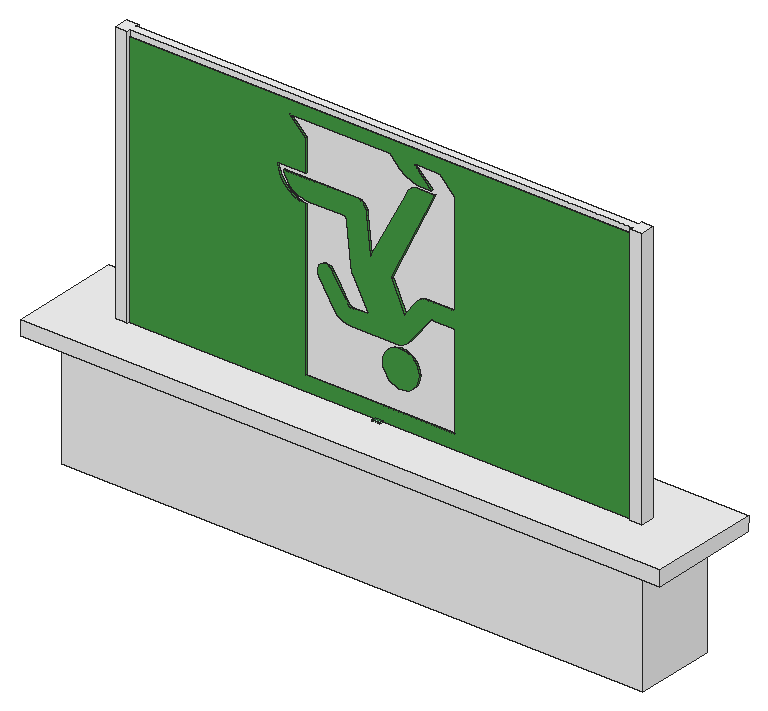
Revit family "Clevertronics_LUBPRO-D2-AUA01211530001", category Lighting Fixtures, host Face, Revit 2021 (continued)
Forms (mm)
  Extrusion 15, solid, material "Green Plastic", visible <- "Indication Left 'Face Two'", not visible, detail levels fine
    sketch origin (-151.5, 2.875, 1534.729) x (1, 0, 0) y (0, 0, -1)
      loop
        arc (207.391, -27.485) -> (202.787, -26.213) -> (199.11, -23.164) r 11.376
        line (199.11, -23.164) -> (186.591, -7.256) -> (172.376, -7.256) -> (172.376, -63.657) -> (262.399, -63.657) -> (262.399, 28.501)
        arc (262.399, 28.501) -> (273.89, 33.891) -> (279.598, 45.228) r 19.42
        line (279.598, 45.228) -> (262.399, 45.228) -> (262.399, 64.593) -> (271.896, 73.818) -> (211.777, 73.818) -> (205.566, 67.627)
        arc (205.566, 67.627) -> (201.063, 64.336) -> (195.778, 62.551) r 18.338
        line (195.778, 62.551) -> (186.276, 62.551) -> (197.578, 73.517) -> (181.659, 73.517) -> (172.412, 64.302)
      loop
        circle (204.984, -40.32) r 11.018
      loop
        line (134.527, 0) -> (134.527, 12.5) -> (68.661, 12.5) -> (92.812, 40.283) -> (65.312, 40.283) -> (30.294, 0) -> (65.312, -40.283) -> (92.812, -40.283) -> (68.661, -12.5) -> (134.527, -12.5) -> (134.527, 0)
    from 0 to 0.767
  Extrusion 16, solid, material "Green Plastic", visible <- "Indication Right 'Face Two'", not visible, detail levels fine
    sketch origin (-151.5, 2.875, 1534.729) x (1, 0, 0) y (0, 0, -1)
      loop
        line (-2.25, 81.5) -> (-2.25, -78.5) -> (305.25, -78.5) -> (305.25, 81.5) -> (-2.25, 81.5)
      loop
        line (131.838, 64.302) -> (122.591, 73.517) -> (106.672, 73.517) -> (117.974, 62.551) -> (108.472, 62.551)
        arc (108.472, 62.551) -> (103.187, 64.336) -> (98.684, 67.627) r 18.338
        line (98.684, 67.627) -> (92.473, 73.818) -> (32.354, 73.818) -> (41.851, 64.593) -> (41.851, 45.228) -> (24.652, 45.228)
        arc (24.652, 45.228) -> (30.36, 33.891) -> (41.851, 28.501) r 19.42
        line (41.851, 28.501) -> (41.851, -63.657) -> (131.874, -63.657) -> (131.874, -7.256) -> (117.659, -7.256) -> (105.14, -23.164)
        arc (105.14, -23.164) -> (101.463, -26.213) -> (96.859, -27.485) r 11.376
        line (96.859, -27.485) -> (67.675, -27.485)
        arc (67.675, -27.485) -> (62.953, -26.333) -> (59.292, -23.137) r 10.257
        line (59.292, -23.137) -> (49.65, -7.29)
        arc (49.65, -7.29) -> (51.357, -0.277) -> (58.371, -1.985) r 5.104
        line (58.371, -1.985) -> (66.841, -15.907)
        arc (66.841, -15.907) -> (67.813, -16.97) -> (69.116, -17.585) r 3.731
        line (69.116, -17.585) -> (79.657, -17.585) -> (71.204, -1.387)
        arc (71.204, -1.387) -> (69.78, 1.77) -> (68.727, 5.07) r 30.217
        line (68.727, 5.07) -> (66.71, 27.782)
        arc (66.71, 27.782) -> (66.107, 29.517) -> (64.756, 30.762) r 3.773
        line (64.756, 30.762) -> (42.547, 30.762)
        arc (42.547, 30.762) -> (33.428, 34.164) -> (28.765, 42.707) r 13.923
        line (28.765, 42.707) -> (72.766, 42.707)
        arc (72.766, 42.707) -> (76.385, 41.131) -> (78.366, 37.717) r 6.331
        line (78.366, 37.717) -> (78.825, 35.553) -> (81.221, 14.567) -> (102.414, 55.434)
        arc (102.414, 55.434) -> (104.612, 58.57) -> (107.962, 60.427) r 8.525
        line (107.962, 60.427) -> (119.644, 60.427) -> (93.804, 7.485) -> (101.765, -9.987) -> (108.755, -0.923)
        arc (108.755, -0.923) -> (110.588, 1.018) -> (112.769, 2.557) r 13.397
        line (112.769, 2.557) -> (131.874, 2.557) -> (131.838, 64.302)
      loop
        circle (99.266, -40.32) r 11.018
      loop
        line (169.723, 0) -> (169.723, -12.5) -> (235.589, -12.5) -> (211.438, -40.283) -> (238.938, -40.283) -> (273.956, 0) -> (238.938, 40.283) -> (211.438, 40.283) -> (235.589, 12.5) -> (169.723, 12.5) -> (169.723, 0)
    from 0 to 0.767
  Extrusion 17, solid, material "Grün Led"
    sketch origin (0, 0, 0) x (1, 0, 0) y (0, 0, 1)
      loop
        line (2.5, 8.369) -> (2.5, 9.588) -> (-2.5, 9.588) -> (-2.5, 8.369) -> (2.5, 8.369)
    from 3.213 to 5.915
  Extrusion 18, solid, material "Grün Led"
    sketch origin (0, 0.781, 0) x (1, 0, 0) y (0, 0, -1)
      loop
        line (2.5, -8.369) -> (-2.5, -8.369) -> (-2.5, -9.588) -> (2.5, -9.588) -> (2.5, -8.369)
    from 3.213 to 6.02
  Extrusion 19, solid, material "Green Plastic", visible <- "Indication Left 'Face Two'"
    sketch origin (-151.5, 2.875, 96.2) x (1, 0, 0) y (0, 0, -1)
      loop
        line (305.25, -66.5) -> (305.25, 87.5) -> (-2.25, 87.5) -> (-2.25, -66.5) -> (305.25, -66.5)
      loop
        line (171.162, -49.302) -> (180.409, -58.517) -> (196.328, -58.517) -> (185.026, -47.551) -> (194.528, -47.551)
        arc (194.528, -47.551) -> (199.813, -49.336) -> (204.316, -52.627) r 18.338
        line (204.316, -52.627) -> (210.527, -58.818) -> (270.646, -58.818) -> (261.149, -49.593) -> (261.149, -30.228) -> (278.348, -30.228)
        arc (278.348, -30.228) -> (272.64, -18.891) -> (261.149, -13.501) r 19.42
        line (261.149, -13.501) -> (261.149, 78.657) -> (171.126, 78.657) -> (171.126, 22.256) -> (185.341, 22.256) -> (197.86, 38.164)
        arc (197.86, 38.164) -> (201.537, 41.213) -> (206.141, 42.485) r 11.376
        line (206.141, 42.485) -> (235.325, 42.485)
        arc (235.325, 42.485) -> (240.047, 41.333) -> (243.708, 38.137) r 10.257
        line (243.708, 38.137) -> (253.35, 22.29)
        arc (253.35, 22.29) -> (251.643, 15.277) -> (244.629, 16.985) r 5.104
        line (244.629, 16.985) -> (236.159, 30.907)
        arc (236.159, 30.907) -> (235.187, 31.97) -> (233.884, 32.585) r 3.731
        line (233.884, 32.585) -> (223.343, 32.585) -> (231.796, 16.387)
        arc (231.796, 16.387) -> (233.22, 13.23) -> (234.273, 9.93) r 30.217
        line (234.273, 9.93) -> (236.29, -12.782)
        arc (236.29, -12.782) -> (236.893, -14.517) -> (238.244, -15.762) r 3.773
        line (238.244, -15.762) -> (260.453, -15.762)
        arc (260.453, -15.762) -> (269.572, -19.164) -> (274.235, -27.707) r 13.923
        line (274.235, -27.707) -> (230.234, -27.707)
        arc (230.234, -27.707) -> (226.615, -26.131) -> (224.634, -22.717) r 6.331
        line (224.634, -22.717) -> (224.175, -20.553) -> (221.779, 0.433) -> (200.586, -40.434)
        arc (200.586, -40.434) -> (198.388, -43.57) -> (195.038, -45.427) r 8.525
        line (195.038, -45.427) -> (183.356, -45.427) -> (209.196, 7.515) -> (201.235, 24.987) -> (194.245, 15.923)
        arc (194.245, 15.923) -> (192.412, 13.982) -> (190.231, 12.443) r 13.397
        line (190.231, 12.443) -> (171.126, 12.443) -> (171.162, -49.302)
      loop
        circle (203.734, 55.32) r 11.018
      loop
        line (133.277, 15) -> (133.277, 27.5) -> (67.411, 27.5) -> (91.562, 55.283) -> (64.062, 55.283) -> (29.044, 15) -> (64.062, -25.283) -> (91.562, -25.283) -> (67.411, 2.5) -> (133.277, 2.5) -> (133.277, 15)
    from 0 to 0.767
  Extrusion 20, solid, material "Green Plastic", visible <- "Runing Man common arrow"
    sketch origin (-151.5, -2.125, 96.2) x (1, 0, 0) y (0, 0, 1)
      loop
        line (305.25, 66.5) -> (-2.25, 66.5) -> (-2.25, -87.5) -> (305.25, -87.5) -> (305.25, 66.5)
      loop
        line (171.162, 49.302) -> (171.126, -12.443) -> (190.231, -12.443)
        arc (190.231, -12.443) -> (192.412, -13.982) -> (194.245, -15.923) r 13.397
        line (194.245, -15.923) -> (201.235, -24.987) -> (209.196, -7.515) -> (183.356, 45.427) -> (195.038, 45.427)
        arc (195.038, 45.427) -> (198.388, 43.57) -> (200.586, 40.434) r 8.525
        line (200.586, 40.434) -> (221.779, -0.433) -> (224.175, 20.553) -> (224.634, 22.717)
        arc (224.634, 22.717) -> (226.615, 26.131) -> (230.234, 27.707) r 6.331
        line (230.234, 27.707) -> (274.235, 27.707)
        arc (274.235, 27.707) -> (269.572, 19.164) -> (260.453, 15.762) r 13.923
        line (260.453, 15.762) -> (238.244, 15.762)
        arc (238.244, 15.762) -> (236.893, 14.517) -> (236.29, 12.782) r 3.773
        line (236.29, 12.782) -> (234.273, -9.93)
        arc (234.273, -9.93) -> (233.22, -13.23) -> (231.796, -16.387) r 30.217
        line (231.796, -16.387) -> (223.343, -32.585) -> (233.884, -32.585)
        arc (233.884, -32.585) -> (235.187, -31.97) -> (236.159, -30.907) r 3.731
        line (236.159, -30.907) -> (244.629, -16.985)
        arc (244.629, -16.985) -> (251.643, -15.277) -> (253.35, -22.29) r 5.104
        line (253.35, -22.29) -> (243.708, -38.137)
        arc (243.708, -38.137) -> (240.047, -41.333) -> (235.325, -42.485) r 10.257
        line (235.325, -42.485) -> (206.141, -42.485)
        arc (206.141, -42.485) -> (201.537, -41.213) -> (197.86, -38.164) r 11.376
        line (197.86, -38.164) -> (185.341, -22.256) -> (171.126, -22.256) -> (171.126, -78.657) -> (261.149, -78.657) -> (261.149, 13.501)
        arc (261.149, 13.501) -> (272.64, 18.891) -> (278.348, 30.228) r 19.42
        line (278.348, 30.228) -> (261.149, 30.228) -> (261.149, 49.593) -> (270.646, 58.818) -> (210.527, 58.818) -> (204.316, 52.627)
        arc (204.316, 52.627) -> (199.813, 49.336) -> (194.528, 47.551) r 18.338
        line (194.528, 47.551) -> (185.026, 47.551) -> (196.328, 58.517) -> (180.409, 58.517) -> (171.162, 49.302)
      loop
        circle (203.734, -55.32) r 11.018
      loop
        line (133.277, -15) -> (133.277, -2.5) -> (67.411, -2.5) -> (91.562, 25.283) -> (64.062, 25.283) -> (29.044, -15) -> (64.062, -55.283) -> (91.562, -55.283) -> (67.411, -27.5) -> (133.277, -27.5) -> (133.277, -15)
    from 0 to 0.767
Lines and regions (mm)
  model lines, style "Face Indication", visible <- "Straight line 'Face two'", detail levels coarse+medium
    curve 1: line (-323.489, 195, 0) -> (326.511, 195, 0)
  model lines, style "Face Indication", visible <- "Straight line 'Face one'", detail levels coarse+medium
    curve 2: line (-323.489, -195, 0) -> (326.511, -195, 0)
  model lines, style "Face Indication", visible <- "Indication Right 'Face Two'", detail levels coarse+medium
    curve 3: line (-323.489, 195, 0) -> (326.511, 195, 0)
  model lines, style "Face Indication", visible <- "Indication Right 'Face one'", detail levels coarse+medium
    curve 4: line (-323.489, -195, 0) -> (326.511, -195, 0)
  model lines, style "Face Indication", visible <- "Indication Left 'Face Two'", detail levels coarse+medium
    curve 5: line (-323.489, 195, 0) -> (326.511, 195, 0)
  model lines, style "Face Indication", visible <- "Indication Left 'Face one'", detail levels coarse+medium
    curve 6: line (-323.489, -195, 0) -> (326.511, -195, 0)
  model lines, style "Face Indication", visible <- "Runing Man common arrow", detail levels coarse+medium
    curve 7: line (-323.489, 195, 0) -> (326.511, 195, 0)
    curve 8: line (-323.489, -195, 0) -> (326.511, -195, 0)
Dimensions and locks
  host face to Extrusion 1 = 67 mm
  Extrusion 2 to host face = 8.7 mm
  Extrusion 3 to Extrusion 2 = 157 mm
  Extrusion 3 to Extrusion 3 = 317 mm
  Extrusion 2 to Extrusion 2 = 385 mm
  Extrusion 1 to Extrusion 1 = 350 mm
  Extrusion 1 to Extrusion 1 = 48 mm
  Extrusion 2 to Extrusion 2 = 67 mm
  Extrusion 3 to Extrusion 3 = 8.5 mm
  aligned and locked: host face to plane 2
  aligned and locked: host face to level
Nested families
  nested 1: "Symbol Right Indication" at (0, 0, 3956.795) x (1, 0, 0) z (0, 0, -1), visible <- "Indication Right 'Face one'", type "Symbol Right Indication", detail levels coarse+medium
  nested 2: "Symbol Left Indication" at (0, 0, 3956.795) x (1, 0, 0) z (0, 0, -1), visible <- "Indication Left 'Face one'", type "Symbol Left Indication", detail levels coarse+medium
  nested 3: "Symbol straight line Indication" at (0, 0, 3956.795) x (1, 0, 0) z (0, 0, -1), visible <- "Straight line 'Face two'", type "Symbol straight line Indication", detail levels coarse+medium
  nested 4: "Symbol straight line Indication" at (0, 0, 3956.795) x (1, 0, 0) z (0, 0, -1), visible <- "Straight line 'Face one'", type "Symbol straight line Indication", detail levels coarse+medium
  nested 5: "Symbol Left Indication" at (0, 0, 3956.795) x (1, 0, 0) z (0, 0, -1), visible <- "Indication Left 'Face Two'", type "Symbol Left Indication", detail levels coarse+medium
  nested 6: "Symbol Right Indication" at (0, 0, 3956.795) x (1, 0, 0) z (0, 0, -1), visible <- "Indication Right 'Face Two'", type "Symbol Right Indication", detail levels coarse+medium
  nested 7: "Symbol Left Indication" at (0, 0, 3956.795) x (1, 0, 0) z (0, 0, -1), visible <- "Runing Man common arrow", type "Symbol Left Indication", detail levels coarse+medium
Connectors
  electrical at (0, 0.375, -67), driven by "Apparent Load"
    settings: on Extrusion 1, index 1, voltage 230 V, apparent load 0 VA, apparent load phase1 3.7 VA, apparent load phase2 0 VA, apparent load phase3 0 VA, power factor 1, load classification "Lighting", number of poles 1, system type 31, power factor state 1, is connector primary yes, connector utility no, sub classification motor no, connector description ""
Definition of nested family "Symbol Right Indication"
  Reference planes
    plane 1 "Center (Front/Back)": y = 0
    plane 2: z = 0
    plane 3 "Center (Left/Right)": x = 0
    plane 4: x = -325.152, in view "Ref. Level"
    plane 5: x = 325.152, in view "Ref. Level"
    plane 6: y = 173.449, in view "Ref. Level"
    plane 7: y = -173.449, in view "Ref. Level"
  Lines and regions (mm)
    Filled region 1, type "Plastic Grün", in view "Ref. Level"
      outline origin (0, 0, 0) x (1, 0, 0) y (0, 1, 0)
        loop
          line (-325.152, 173.449) -> (-325.152, -173.449) -> (325.152, -173.449) -> (325.152, 173.449) -> (-325.152, 173.449)
        loop
          line (-248.707, 129.511) -> (-248.707, -50)
          arc (-248.707, -50) -> (-276.284, -61.423) -> (-287.707, -89) r 39
          line (-287.707, -89) -> (-248.707, -89) -> (-248.707, -130) -> (-270.627, -151.92) -> (-131.627, -151.92) -> (-106.171, -126.464) -> (-76.171, -126.464) -> (-101.627, -151.92) -> (-62.627, -151.92) -> (-40.707, -130) -> (-40.707, 9.511) -> (-78.707, 9.511)
          arc (-78.707, 9.511) -> (-86.697, 12.637) -> (-93.539, 17.816) r 31.304
          line (-93.539, 17.816) -> (-111.923, 36.2)
          arc (-111.923, 36.2) -> (-114.899, 38.096) -> (-117.875, 36.2) r 3.284
          line (-117.875, 36.2) -> (-132.667, 4.48)
          arc (-132.667, 4.48) -> (-133.805, 0.231) -> (-132.667, -4.017) r 8.497
          line (-132.667, -4.017) -> (-67.667, -116.601) -> (-94.667, -116.601)
          arc (-94.667, -116.601) -> (-102.738, -113.797) -> (-107.333, -106.593) r 13.019
          line (-107.333, -106.593) -> (-157.333, -19.991)
          arc (-157.333, -19.991) -> (-159.41, -18.791) -> (-161.488, -19.991) r 2.399
          line (-161.488, -19.991) -> (-164.906, -68.871)
          arc (-164.906, -68.871) -> (-167.873, -76.033) -> (-175.035, -79) r 10.129
          line (-175.035, -79) -> (-272.707, -79)
          arc (-272.707, -79) -> (-265.678, -62.029) -> (-248.707, -55) r 24
          line (-248.707, -55) -> (-195.707, -55)
          arc (-195.707, -55) -> (-192.663, -50.733) -> (-191.351, -45.659) r 14.38
          line (-191.351, -45.659) -> (-188.561, -5.756)
          arc (-188.561, -5.756) -> (-187.442, 4.309) -> (-185.503, 14.25) r 123.737
          line (-185.503, 14.25) -> (-168.598, 50.502) -> (-197.598, 50.502) -> (-207.269, 14.41)
          arc (-207.269, 14.41) -> (-220.129, 6.986) -> (-227.553, 19.846) r 10.5
          line (-227.553, 19.846) -> (-215.906, 63.312)
          arc (-215.906, 63.312) -> (-211.908, 69.258) -> (-205.103, 71.502) r 11.051
          line (-205.103, 71.502) -> (-140.103, 71.502)
          arc (-140.103, 71.502) -> (-119.382, 69.488) -> (-101.698, 58.502) r 45.756
          line (-101.698, 58.502) -> (-72.707, 29.511) -> (-40.707, 29.511) -> (-40.707, 129.511) -> (-248.707, 129.511)
        loop
          circle (-117.138, 97.887) r 20
        loop
          line (40.232, 30) -> (40.232, -30) -> (172.232, -30) -> (105.057, -97.175) -> (188.057, -97.175) -> (285.232, 0) -> (188.057, 97.175) -> (105.057, 97.175) -> (172.232, 30) -> (40.232, 30)
  Dimensions and locks
    plane 6 to plane 7 = 346.899 mm
    plane 4 to plane 5 = 650.305 mm
    equal spacing: plane 6, plane 1 "Center (Front/Back)", plane 7
    equal spacing: plane 4, plane 3 "Center (Left/Right)", plane 5
Definition of nested family "Symbol Left Indication"
  Reference planes
    plane 1 "Center (Front/Back)": y = 0
    plane 2: z = 0
    plane 3 "Center (Left/Right)": x = 0
    plane 4: x = 325.152, in view "Ref. Level"
    plane 5: x = -325.152, in view "Ref. Level"
    plane 6: y = 173.449, in view "Ref. Level"
    plane 7: y = -173.449, in view "Ref. Level"
  Lines and regions (mm)
    Filled region 1, type "Plastic Grün", in view "Ref. Level"
      outline origin (0, 0, 0) x (0, 1, 0) y (-1, 0, 0)
        loop
          line (173.449, -325.152) -> (173.449, 325.152) -> (-173.449, 325.152) -> (-173.449, -325.152) -> (173.449, -325.152)
        loop
          line (129.511, -248.707) -> (129.511, -40.707) -> (29.511, -40.707) -> (29.511, -72.707) -> (58.502, -101.698)
          arc (58.502, -101.698) -> (69.488, -119.382) -> (71.502, -140.103) r 45.756
          line (71.502, -140.103) -> (71.502, -205.103)
          arc (71.502, -205.103) -> (69.258, -211.908) -> (63.312, -215.906) r 11.051
          line (63.312, -215.906) -> (19.846, -227.553)
          arc (19.846, -227.553) -> (6.986, -220.129) -> (14.41, -207.269) r 10.5
          line (14.41, -207.269) -> (50.502, -197.598) -> (50.502, -168.598) -> (14.25, -185.503)
          arc (14.25, -185.503) -> (4.309, -187.442) -> (-5.756, -188.561) r 123.737
          line (-5.756, -188.561) -> (-45.659, -191.351)
          arc (-45.659, -191.351) -> (-50.733, -192.663) -> (-55, -195.707) r 14.38
          line (-55, -195.707) -> (-55, -248.707)
          arc (-55, -248.707) -> (-62.029, -265.678) -> (-79, -272.707) r 24
          line (-79, -272.707) -> (-79, -175.035)
          arc (-79, -175.035) -> (-76.033, -167.873) -> (-68.871, -164.906) r 10.129
          line (-68.871, -164.906) -> (-19.991, -161.488)
          arc (-19.991, -161.488) -> (-18.791, -159.41) -> (-19.991, -157.333) r 2.399
          line (-19.991, -157.333) -> (-106.593, -107.333)
          arc (-106.593, -107.333) -> (-113.797, -102.738) -> (-116.601, -94.667) r 13.019
          line (-116.601, -94.667) -> (-116.601, -67.667) -> (-4.017, -132.667)
          arc (-4.017, -132.667) -> (0.231, -133.805) -> (4.48, -132.667) r 8.497
          line (4.48, -132.667) -> (36.2, -117.875)
          arc (36.2, -117.875) -> (38.096, -114.899) -> (36.2, -111.923) r 3.284
          line (36.2, -111.923) -> (17.816, -93.539)
          arc (17.816, -93.539) -> (12.637, -86.697) -> (9.511, -78.707) r 31.304
          line (9.511, -78.707) -> (9.511, -40.707) -> (-130, -40.707) -> (-151.92, -62.627) -> (-151.92, -101.627) -> (-126.464, -76.171) -> (-126.464, -106.171) -> (-151.92, -131.627) -> (-151.92, -270.627) -> (-130, -248.707) -> (-89, -248.707) -> (-89, -287.707)
          arc (-89, -287.707) -> (-61.423, -276.284) -> (-50, -248.707) r 39
          line (-50, -248.707) -> (129.511, -248.707)
        loop
          circle (97.887, -117.138) r 20
        loop
          line (30, 40.232) -> (30, 172.232) -> (97.175, 105.057) -> (97.175, 188.057) -> (0, 285.232) -> (-97.175, 188.057) -> (-97.175, 105.057) -> (-30, 172.232) -> (-30, 40.232) -> (30, 40.232)
  Dimensions and locks
    plane 6 to plane 7 = 346.899 mm  (x2)
    plane 4 to plane 5 = 650.305 mm  (x2)
Definition of nested family "Symbol straight line Indication"
  Reference planes
    plane 1 "Center (Front/Back)": y = 0
    plane 2: z = 0
    plane 3 "Center (Left/Right)": x = 0
    plane 4: x = -325.152, in view "Ref. Level"
    plane 5: x = 325.152, in view "Ref. Level"
    plane 6: y = 173.449, in view "Ref. Level"
    plane 7: y = -173.449, in view "Ref. Level"
  Lines and regions (mm)
    Filled region 1, type "Plastic Grün", in view "Ref. Level"
      outline origin (0, 0, 0) x (1, 0, 0) y (0, 1, 0)
        loop
          line (-325.152, 173.449) -> (-325.152, -173.449) -> (325.152, -173.449) -> (325.152, 173.449) -> (-325.152, 173.449)
        loop
          line (-104, 129.511) -> (-104, -50)
          arc (-104, -50) -> (-131.577, -61.423) -> (-143, -89) r 39
          line (-143, -89) -> (-104, -89) -> (-104, -130) -> (-125.92, -151.92) -> (13.08, -151.92) -> (38.536, -126.464) -> (68.536, -126.464) -> (43.08, -151.92) -> (82.08, -151.92) -> (104, -130) -> (104, 9.511) -> (66, 9.511)
          arc (66, 9.511) -> (58.01, 12.637) -> (51.168, 17.816) r 31.304
          line (51.168, 17.816) -> (32.784, 36.2)
          arc (32.784, 36.2) -> (29.808, 38.096) -> (26.832, 36.2) r 3.284
          line (26.832, 36.2) -> (12.04, 4.48)
          arc (12.04, 4.48) -> (10.902, 0.231) -> (12.04, -4.017) r 8.497
          line (12.04, -4.017) -> (77.04, -116.601) -> (50.04, -116.601)
          arc (50.04, -116.601) -> (41.969, -113.797) -> (37.374, -106.593) r 13.019
          line (37.374, -106.593) -> (-12.626, -19.991)
          arc (-12.626, -19.991) -> (-14.703, -18.791) -> (-16.781, -19.991) r 2.399
          line (-16.781, -19.991) -> (-20.199, -68.871)
          arc (-20.199, -68.871) -> (-23.166, -76.033) -> (-30.328, -79) r 10.129
          line (-30.328, -79) -> (-128, -79)
          arc (-128, -79) -> (-120.971, -62.029) -> (-104, -55) r 24
          line (-104, -55) -> (-51, -55)
          arc (-51, -55) -> (-47.956, -50.733) -> (-46.644, -45.659) r 14.38
          line (-46.644, -45.659) -> (-43.854, -5.756)
          arc (-43.854, -5.756) -> (-42.735, 4.309) -> (-40.796, 14.25) r 123.737
          line (-40.796, 14.25) -> (-23.891, 50.502) -> (-52.891, 50.502) -> (-62.562, 14.41)
          arc (-62.562, 14.41) -> (-75.422, 6.986) -> (-82.846, 19.846) r 10.5
          line (-82.846, 19.846) -> (-71.199, 63.312)
          arc (-71.199, 63.312) -> (-67.201, 69.258) -> (-60.396, 71.502) r 11.051
          line (-60.396, 71.502) -> (4.604, 71.502)
          arc (4.604, 71.502) -> (25.325, 69.488) -> (43.009, 58.502) r 45.756
          line (43.009, 58.502) -> (72, 29.511) -> (104, 29.511) -> (104, 129.511) -> (-104, 129.511)
        loop
          circle (27.569, 97.887) r 20
  Dimensions and locks
    plane 6 to plane 7 = 346.899 mm
    plane 4 to plane 5 = 650.305 mm
    equal spacing: plane 6, plane 1 "Center (Front/Back)", plane 7
    equal spacing: plane 4, plane 3 "Center (Left/Right)", plane 5
Types (5, lengths in mm): name | Straight line 'Face two' | Straight line 'Face one' | Runing Man common arrow | Photometric Web File | Indication Right 'Face one' | Indication Left 'Face one' | Indication Left 'Face Two' | Clevertronics_Stacked Symbol Position
  Runing Man Single | no | yes | no | "CUBPRO_IESA_E_CIE_LL21009_20180522.IES" | no | no | no | 0
  Running Man Common arrow | no | no | yes | "CUBPRO_IESA_E_CIE_LL21009_20180522.IES" | no | no | yes | 0
  Runing Man Right (Single) | no | no | no | "CUBPRO_IESA_E_CIE_LL21009_20180522.IES" | yes | no | no | 0
  Runing Man Double Sided | yes | yes | no | "" | no | no | no | 1
  Runing Man Left (Single) | no | no | no | "CUBPRO_IESA_E_CIE_LL21009_20180522.IES" | no | yes | no | 0
